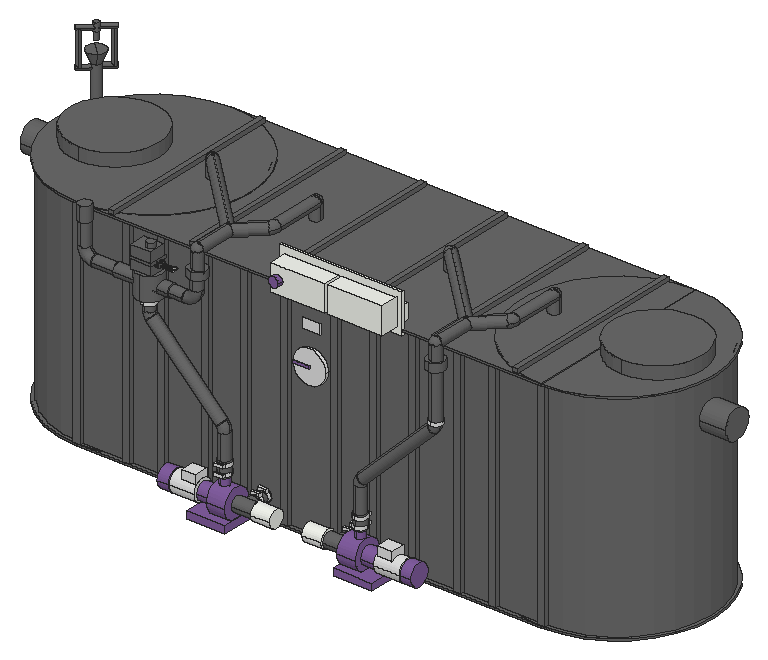
Revit family "93030.01_pvs 0", category Generic Models, Revit 2021
Family settings
  Can host rebar = No
  Round Connector Dimension = Use Diameter
  Part Type = Normal
  Work Plane-Based = No
  Always vertical = Yes
  Cut with Voids When Loaded = No
  Shared = Yes
  Room Calculation Point = No
Parameters (values of type "93030.01_PVS")
  SUPPLIER = "KESSEL"
  SA810ID03 = "93030.01/PVS"
  SA71009ID06 = 3000 W
  SA71009ID05 = 3600 W
  SA71009ID04 = 2
  SA700ID17 = 1240 mm
  SA700ID14 = "ohne Angabe"
  SA700ID13 = 70 mm
  SA700ID09 = 1625 mm
  SA700ID08 = 1350 mm
  SA700ID07 = 4600 mm
  SA700ID06 = 3000
  SA700ID05 = 30
  SA700ID04 = "Grease separator EasyClean free NS 30, Auto Mix & Pump"
  SA500ID03 = "Sludge trap, integrated"
  SA400ID03 = "PE (Polyethylen)"
  SA250ID03 = "temperierte Umhausung"
  SA200ID03 = "free-standing set-up"
  SA100ID04 = "Abscheideranlage für Fette (Schlammfang und Fettabscheider)"
  NN = "EasyClean, Auto Mix & Pump grease separator"
  NBSYN = "$SA810ID03. $LODLEVEL."
  NB = "93030.01/PVS 0"
  Model = "93030.01/PVS"
  Manufacturer = "KESSEL"
  MIdent = "{$CADENAS_DATA/23d-libs/kessel/kessel_vdi_import/40/abscheideranlage20fuer20fette/easyclean_free_auto_mix_pump.prj},231 {STYP=ASS},{VTYP=3D},{NB=93030.01/PVS 0},{LINA=93030.01/PVS},{NN=EasyClean, Auto Mix & Pump grease separator},{DATE=20.12.2022 10:10:54},{GEOMDATE=17.11.2022 09:57:06},{VERSION=},{LINEID=140},{WBVAR=LODLEVEL},{WBNUMERIC=LODLEVEL}  {NB=93030.01/PVS 0},{LINA=93030.01/PVS},{KT=DUMMY},{PREVIEW=../../bilder/pb_yy_9302001pvs_7491.png},{SA700ID04=Fettabscheider EasyClean free NS 30, Auto Mix & Pump},{SA810ID06=},{SA010ID04=KESSEL AG},{SA810ID03=93030.01/PVS},{SA100ID04=Abscheideranlage für Fette (Schlammfang und Fettabscheider)},{SA200ID03=Freiaufstellung},{SA400ID03=PE (Polyethylen)},{SA500ID03=Schlammfang integriert},{SA700ID05=30.00},{SA700ID06=3000},{SA71009ID04=2},{SA71009ID05=3.60},{SA71009ID06=3.00},{SA250ID03=temperierte Umhausung},{SA700ID07=4600},{SA700ID09=1625},{SA700ID13=70},{SA700ID17=1240},{SA700ID08=1350},{SA810ID10=\\\"Der Abscheider für fetthaltiges Abwasser ist für die freie Aufstellung in frostgeschützten Räumen geeignet und verzichtet auf metallische Bauteile im Behälter. Der Sammelbehälter aus dauerhaft beständigem Kunststoff (PE) ist mit einem integrierten Schlammfang ausgestattet und besitzt Schrägen im Behälterboden für eine schnelle und saubere Entsorgung. Zwei geruchsdichte Deckel mit Schnellspannverschlüssen ermöglichen einen einfachen Zugang für Reinigungs- und Wartungsarbeiten.Das innovative Schredder-Mix-System mit integriertem Zerhacker übernimmt die Homogenisierung und Umwälzung des Behälterinhaltes. Die Reinigung und geruchsneutrale Entsorgung erfolgt dabei über eine außenliegende Pumpe mit 2-Wege-Ventil und Stellmotor, die mit einem Absperrschieber vom Behälter getrennt werden kann.Der vollautomatische Programmablauf wird durch ein anwenderfreundliches Schaltgerät mit mehrzeiliger Displayanzeige gesteuert, das über einen potentialfreien Kontakt in die Gebäudeleittechnik eingebunden werden kann. Über eine optional erhältliche Fernbedienung kann die Reinigung und Entsorgung von einer entfernten Stelle aus gestartet werden.Durch das individualisierbare Reinigungsprogramm mit Schnellwahlfunktion kann die Reinigung bedarfsgerecht an die örtlichen Gegebenheiten angepasst werden. Mithilfe einer vollautomatisierten Spülung der Trinkwasserleitungen kann die Einhaltung der Trinkwasser-Hygiene-Verordnung gewährleistet werden.Gewährleistung auf den Werkstoff PE 20 Jahre.Ausführung:Absperreinrichtung: jaEntsorgungsart: automatisches Entsorgungs- und ReinigungssystemEntsorgungseinrichtung: EntsorgungspumpeEntsorgungsvariante: Auto Mix & PumpFülleinrichtung nach DIN 1988: jaNenngröße (NS): 30Schauglas: jaSchredder-Mix-System: jaSonicControl: neinWasserversorgung: 2 Magnetventile 1\\\"\\\"Tragfähigkeit (DIN 19901): F3Lieferumfang: Storz-B-Kupplung R 2 1/2 \\\"\\\" für SaugwagenanschlussEinbausituation: freie AufstellungAllgemeine Merkmale:Material: PENorm: EN 1825: 2004, DIN 4040-100Abmessungen:Aufstellfläche Länge: 4.860 mmAufstellfläche Breite: 1.620 mmAufstellfläche Höhe: 1.655 mmEinbringmaß Länge: 4.600 mmEinbringmaß Breite: 1.350 mmEinbringmaß Höhe: 1.625 mmBehälter/Grundkörper:Zulauf Nennweite (DN): 250 mmZulauf Nennweite (DA): 250 mmAuslauf Nennweite (DN): 250Auslauf Nennweite (DA): 250Abstand Rohrsohle Zulauf zu Behälterboden: 1.240 mmAbstand Rohrsohle Auslauf zu Behälterboden: 1.170 mmAnschluss Zu-/Auslaufstutzen: PE-HD-Rohre nach DIN 19537, HT-Rohre nach DIN 19560, PP oder ASDruckabgang (DA): 75 mmDruckabgang (DN): 65 mmNenndruck (PN): 10Abdeckungsmerkmale:Abdeckungsart: DeckelAbdeckung Material: KunststoffAbdeckung Farbe: schwarzDichtheit: geruchsdichtVerriegelung: SchnellspannverschlussAbwasserinhalt:Abscheiderinhalt: 1.370 lGesamtvolumen: 4.370 lSchlammfanginhalt: 3.000 lSpeichermenge an Fett: 1.200 lFördereinrichtung:Pumpe: SPF 300 KE 2.0Anzahl Pumpen: 2Förderhöhe max.: 17 mFörderleistung max.: 60 m3/hBetriebsspannung: 400 VNetzfrequenz: 50 HzBetriebsart: S2 - 30 Min.Leistung P1: 3,6 kWLeistung P2: 3 kWDrehzahl: 2.850 U/minErforderliche Absicherung (Leitungsschutz): Absicherung über Schaltgerät 400 VFörderguttemperatur (dauerhaft) max.: 40 °CAnschlusstyp: DirektanschlussGewicht: 44 kgLaufrad Typ: Radiallaufrad mit ZerhackerLänge Netzanschlussleitung Pumpe: 5 mNennstrom: 6,2 ASchutzart Pumpe: IP 55Schutzklasse: ITyp Anschlussleitung Pumpe: H07RN-F 7G 1,5 mm2Temperaturüberwachung: integriertSteuerung:Schaltgerät: jaBetriebsspannung: 400 VNetzfrequenz: 50 HzSelbstdiagnosesystem (SDS): jaBatteriepufferung: neinMehrzeilige Displayanzeige: jaLogbuchfunktion: jaUSB-Schnittstelle: jaGSM-Schnittstelle: neinPotentialfreier Kontakt: jaErforderliche Absicherung (Leitungsschutz): C 16 AErforderliche Absicherung (RCD): 30 mAMotorschutz Schalter: jaSchutzart Schaltgerät: IP 54\\\"},{SA700ID14=ohne Angabe},{LODLEVEL=0},{CATEGORY3AA=EasyClean free Auto Mix & Pump},{CATEGORY3AB=},{CATEGORY3AC=},{CATEGORY3AD=},{CATEGORY3AE=},{CATEGORY3AF=},{BEZEICHNUNG=},{BREITE=0.0},{TIEFE=MIN},{HOEHE=MIN},{MASSE=MIN},{LOD_=0,'Low'},{LOD_DEU=0,'Low'},{LOD_3DB=93030.01/PVS_0},{DNIN1=250},{DNIN2=10},{DNIN3=10},{DNIN4=10},{DNIN5=10},{DNIN6=10},{DNIN7=10},{DNOUT1=250},{DNOUT2=MIN},{ISD=100},{ISD2=10},{SA960ID03=93},{SA960ID04=3L},{SA960ID08=http://www.kessel.de/info?han=93030.01/PVS},{SA010ID01=010},{SA010ID02=40},{SA010ID06=www.kessel.de},{SA010ID08=4026092000007},{SA100ID01=100},{SA100ID02=1},{SA740ID01=740},{SA200ID01=200},{SA200ID02=1},{SA250ID01=250},{SA250ID02=1},{SA400ID01=400},{SA400ID02=1},{SA500ID01=500},{SA500ID02=1},{SA700ID01=700},{SA700ID02=93},{SA700ID14_=0},{SA71009ID01=710.09},{SA71009ID02=1},{SA71009ID03=SPF 300 KE 2.0},{SA71009ID07=IP55},{SA71009ID08=1},{SA71009ID09=1},{SA71009ID10=60},{SA71009ID11=17},{SA810ID01=810},{SA810ID02=93},{SA810ID04=93030.01/PVS},{SA810ID07=93},{SA810ID14=PCE},{LINK=http://www.kessel.de/info?han=93030.01/PVS},{LINK_=http://www.kessel.de/info?han=93030.01/PVS},{LINK_DEU=http://www.kessel.de/info?han=93030.01/PVS}"
  LINK = "http://www.kessel.de/info?han=93030.01/PVS"
  LINA = "93030.01/PVS"
  Default Elevation = 0 mm
  CREATOR = "CADENAS GmbH"
  CATALOG = "KESSEL"
  BOMINFO = "LINA"
  ARTICLENO = "NB"
Reference planes
  plane 1 "Center (Front/Back)": y = 0
  plane 2: z = 0
  plane 3 "Center (Left/Right)": x = 0
Forms (mm)
  Extrusion 1, void
    sketch origin (686.853, -819.5, 248.5) x (0, 1, 0) y (1, 0, 0)
      loop
        line (-0.5, 0.5) -> (-0.5, -0.5) -> (0.5, -0.5) -> (0.5, 0.5) -> (-0.5, 0.5)
    from 0 to 1
  Extrusion 2, void
    sketch origin (-686.503, -820.5, 248.5) x (0, -1, 0) y (-1, 0, 0)
      loop
        line (-0.5, 0.5) -> (-0.5, -0.5) -> (0.5, -0.5) -> (0.5, 0.5) -> (-0.5, 0.5)
    from 0 to 1
Dimensions and locks
  locked: plane 2 to Extrusion 1 at 247.5
  locked: plane 2 to Extrusion 1 at 248.5
  locked: plane 2 to Extrusion 2 at 247.5
  locked: plane 2 to Extrusion 2 at 248.5
  aligned and locked: level to plane 2
Nested families
  nested 1: "93030.01_pvs 0_content" at (0, 0, 0), type "93030.01_PVS 0_Content"
  nested 2: "93030.01_pvs 0_part1_X0Y0" at (0, 0, 0), type "93030.01_PVS_PART1_X0Y0"
Connectors
  piping at (-2480, 0, 1340), diameter 250
    settings: on nested 2, index 1, connector inside diameter 609.6 mm, connector length 0 mm, flow factor 0, pipe flow 0.0 L/s, pressure drop 0.0 Pa, fitting loss kfactor 0, connector angle 0.00°, fixture units 0, engagement length 0 mm, angle of deflection 0.00°, flow configuration 0, flow direction 1, fitting loss method 2, system type 8, joint type 0, gender type 0, connector reference index -1, connector utility 0, adjustable connector no, is connector primary yes, connector description ""
  piping at (-2336, 385, 1940.25), diameter 10
    settings: on nested 2, index 2, connector inside diameter 609.6 mm, connector length 0 mm, flow factor 0, pipe flow 0.0 L/s, pressure drop 0.0 Pa, fitting loss kfactor 0, connector angle 0.00°, fixture units 0, engagement length 0 mm, angle of deflection 0.00°, flow configuration 0, flow direction 1, fitting loss method 2, system type 8, joint type 0, gender type 0, connector reference index -1, connector utility 0, adjustable connector no, is connector primary no, connector description ""
  piping at (2453.5, 0, 1270), diameter 250
    settings: on nested 2, index 3, connector inside diameter 609.6 mm, connector length 0 mm, flow factor 0, pipe flow 0.0 L/s, pressure drop 0.0 Pa, fitting loss kfactor 0, connector angle 0.00°, fixture units 0, engagement length 0 mm, angle of deflection 0.00°, flow configuration 0, flow direction 2, fitting loss method 2, system type 7, joint type 0, gender type 0, connector reference index -1, connector utility 0, adjustable connector no, is connector primary no, connector description ""
  electrical at (686.853, -819.5, 248.5)
    settings: on Extrusion 1, index 4, voltage 0 V, apparent load 0 VA, apparent load phase1 0 VA, apparent load phase2 0 VA, apparent load phase3 0 VA, power factor 1, load classification "Other", number of poles 1, system type 31, power factor state 1, is connector primary yes, connector utility no, sub classification motor no, connector description ""
  electrical at (-686.503, -820.5, 248.5)
    settings: on Extrusion 2, index 5, voltage 0 V, apparent load 0 VA, apparent load phase1 0 VA, apparent load phase2 0 VA, apparent load phase3 0 VA, power factor 1, load classification "Other", number of poles 1, system type 31, power factor state 1, is connector primary no, connector utility no, sub classification motor no, connector description ""
Definition of nested family "93030.01_pvs 0_part1_X0Y0"
  Parameters (values of type "93030.01_PVS_PART1_X0Y0")
    SUPPLIER = "KESSEL"
    SA810ID03 = "93030.01/PVS"
    SA71009ID06 = 3000 W
    SA71009ID05 = 3600 W
    SA71009ID04 = 2
    SA700ID17 = 1240 mm
    SA700ID14 = "ohne Angabe"
    SA700ID13 = 70 mm
    SA700ID09 = 1625 mm
    SA700ID08 = 1350 mm
    SA700ID07 = 4600 mm
    SA700ID06 = 3000
    SA700ID05 = 30
    SA700ID04 = "Grease separator EasyClean free NS 30, Auto Mix & Pump"
    SA500ID03 = "Sludge trap, integrated"
    SA400ID03 = "PE (Polyethylen)"
    SA250ID03 = "temperierte Umhausung"
    SA200ID03 = "free-standing set-up"
    SA100ID04 = "Abscheideranlage für Fette (Schlammfang und Fettabscheider)"
    NBSYN = "$SA810ID03. $LODLEVEL._PART1"
    NB = "93030.01/PVS 0_PART1"
    Model = "93030.01/PVS_PART1"
    Manufacturer = "KESSEL"
    MIdent = "{$CADENAS_DATA/23d-libs/kessel/kessel_vdi_import/40/abscheideranlage20fuer20fette/easyclean_free_auto_mix_pump.prj},251 {VTYP=3D},{NB=93030.01/PVS 0_PART1},{LINA=93030.01/PVS_PART1},{NN=EasyClean, Auto Mix & Pump grease separator_PART1},{NOPRJ=TRUE},{DATE=20.12.2022 10:10:54},{GEOMDATE=17.11.2022 09:57:06},{VERSION=},{LINEID=140},{WBVAR=LODLEVEL},{WBNUMERIC=LODLEVEL}  {NB=93030.01/PVS 0_PART1},{LINA=93030.01/PVS_PART1},{KT=DUMMY},{PREVIEW=../../bilder/pb_yy_9302001pvs_7491.png},{SA700ID04=Fettabscheider EasyClean free NS 30, Auto Mix & Pump},{SA810ID06=},{SA010ID04=KESSEL AG},{SA810ID03=93030.01/PVS},{SA100ID04=Abscheideranlage für Fette (Schlammfang und Fettabscheider)},{SA200ID03=Freiaufstellung},{SA400ID03=PE (Polyethylen)},{SA500ID03=Schlammfang integriert},{SA700ID05=30.00},{SA700ID06=3000},{SA71009ID04=2},{SA71009ID05=3.60},{SA71009ID06=3.00},{SA250ID03=temperierte Umhausung},{SA700ID07=4600},{SA700ID09=1625},{SA700ID13=70},{SA700ID17=1240},{SA700ID08=1350},{SA810ID10=\\\"Der Abscheider für fetthaltiges Abwasser ist für die freie Aufstellung in frostgeschützten Räumen geeignet und verzichtet auf metallische Bauteile im Behälter. Der Sammelbehälter aus dauerhaft beständigem Kunststoff (PE) ist mit einem integrierten Schlammfang ausgestattet und besitzt Schrägen im Behälterboden für eine schnelle und saubere Entsorgung. Zwei geruchsdichte Deckel mit Schnellspannverschlüssen ermöglichen einen einfachen Zugang für Reinigungs- und Wartungsarbeiten.Das innovative Schredder-Mix-System mit integriertem Zerhacker übernimmt die Homogenisierung und Umwälzung des Behälterinhaltes. Die Reinigung und geruchsneutrale Entsorgung erfolgt dabei über eine außenliegende Pumpe mit 2-Wege-Ventil und Stellmotor, die mit einem Absperrschieber vom Behälter getrennt werden kann.Der vollautomatische Programmablauf wird durch ein anwenderfreundliches Schaltgerät mit mehrzeiliger Displayanzeige gesteuert, das über einen potentialfreien Kontakt in die Gebäudeleittechnik eingebunden werden kann. Über eine optional erhältliche Fernbedienung kann die Reinigung und Entsorgung von einer entfernten Stelle aus gestartet werden.Durch das individualisierbare Reinigungsprogramm mit Schnellwahlfunktion kann die Reinigung bedarfsgerecht an die örtlichen Gegebenheiten angepasst werden. Mithilfe einer vollautomatisierten Spülung der Trinkwasserleitungen kann die Einhaltung der Trinkwasser-Hygiene-Verordnung gewährleistet werden.Gewährleistung auf den Werkstoff PE 20 Jahre.Ausführung:Absperreinrichtung: jaEntsorgungsart: automatisches Entsorgungs- und ReinigungssystemEntsorgungseinrichtung: EntsorgungspumpeEntsorgungsvariante: Auto Mix & PumpFülleinrichtung nach DIN 1988: jaNenngröße (NS): 30Schauglas: jaSchredder-Mix-System: jaSonicControl: neinWasserversorgung: 2 Magnetventile 1\\\"\\\"Tragfähigkeit (DIN 19901): F3Lieferumfang: Storz-B-Kupplung R 2 1/2 \\\"\\\" für SaugwagenanschlussEinbausituation: freie AufstellungAllgemeine Merkmale:Material: PENorm: EN 1825: 2004, DIN 4040-100Abmessungen:Aufstellfläche Länge: 4.860 mmAufstellfläche Breite: 1.620 mmAufstellfläche Höhe: 1.655 mmEinbringmaß Länge: 4.600 mmEinbringmaß Breite: 1.350 mmEinbringmaß Höhe: 1.625 mmBehälter/Grundkörper:Zulauf Nennweite (DN): 250 mmZulauf Nennweite (DA): 250 mmAuslauf Nennweite (DN): 250Auslauf Nennweite (DA): 250Abstand Rohrsohle Zulauf zu Behälterboden: 1.240 mmAbstand Rohrsohle Auslauf zu Behälterboden: 1.170 mmAnschluss Zu-/Auslaufstutzen: PE-HD-Rohre nach DIN 19537, HT-Rohre nach DIN 19560, PP oder ASDruckabgang (DA): 75 mmDruckabgang (DN): 65 mmNenndruck (PN): 10Abdeckungsmerkmale:Abdeckungsart: DeckelAbdeckung Material: KunststoffAbdeckung Farbe: schwarzDichtheit: geruchsdichtVerriegelung: SchnellspannverschlussAbwasserinhalt:Abscheiderinhalt: 1.370 lGesamtvolumen: 4.370 lSchlammfanginhalt: 3.000 lSpeichermenge an Fett: 1.200 lFördereinrichtung:Pumpe: SPF 300 KE 2.0Anzahl Pumpen: 2Förderhöhe max.: 17 mFörderleistung max.: 60 m3/hBetriebsspannung: 400 VNetzfrequenz: 50 HzBetriebsart: S2 - 30 Min.Leistung P1: 3,6 kWLeistung P2: 3 kWDrehzahl: 2.850 U/minErforderliche Absicherung (Leitungsschutz): Absicherung über Schaltgerät 400 VFörderguttemperatur (dauerhaft) max.: 40 °CAnschlusstyp: DirektanschlussGewicht: 44 kgLaufrad Typ: Radiallaufrad mit ZerhackerLänge Netzanschlussleitung Pumpe: 5 mNennstrom: 6,2 ASchutzart Pumpe: IP 55Schutzklasse: ITyp Anschlussleitung Pumpe: H07RN-F 7G 1,5 mm2Temperaturüberwachung: integriertSteuerung:Schaltgerät: jaBetriebsspannung: 400 VNetzfrequenz: 50 HzSelbstdiagnosesystem (SDS): jaBatteriepufferung: neinMehrzeilige Displayanzeige: jaLogbuchfunktion: jaUSB-Schnittstelle: jaGSM-Schnittstelle: neinPotentialfreier Kontakt: jaErforderliche Absicherung (Leitungsschutz): C 16 AErforderliche Absicherung (RCD): 30 mAMotorschutz Schalter: jaSchutzart Schaltgerät: IP 54\\\"},{SA700ID14=ohne Angabe},{LODLEVEL=0},{CATEGORY3AA=EasyClean free Auto Mix & Pump},{CATEGORY3AB=},{CATEGORY3AC=},{CATEGORY3AD=},{CATEGORY3AE=},{CATEGORY3AF=},{BEZEICHNUNG=},{BREITE=0.0},{TIEFE=MIN},{HOEHE=MIN},{MASSE=MIN},{LOD_=0,'Low'},{LOD_DEU=0,'Low'},{LOD_3DB=93030.01/PVS_0},{DNIN1=250},{DNIN2=10},{DNIN3=10},{DNIN4=10},{DNIN5=10},{DNIN6=10},{DNIN7=10},{DNOUT1=250},{DNOUT2=MIN},{ISD=100},{ISD2=10},{SA960ID03=93},{SA960ID04=3L},{SA960ID08=http://www.kessel.de/info?han=93030.01/PVS},{SA010ID01=010},{SA010ID02=40},{SA010ID06=www.kessel.de},{SA010ID08=4026092000007},{SA100ID01=100},{SA100ID02=1},{SA740ID01=740},{SA200ID01=200},{SA200ID02=1},{SA250ID01=250},{SA250ID02=1},{SA400ID01=400},{SA400ID02=1},{SA500ID01=500},{SA500ID02=1},{SA700ID01=700},{SA700ID02=93},{SA700ID14_=0},{SA71009ID01=710.09},{SA71009ID02=1},{SA71009ID03=SPF 300 KE 2.0},{SA71009ID07=IP55},{SA71009ID08=1},{SA71009ID09=1},{SA71009ID10=60},{SA71009ID11=17},{SA810ID01=810},{SA810ID02=93},{SA810ID04=93030.01/PVS},{SA810ID07=93},{SA810ID14=PCE},{LINK=http://www.kessel.de/info?han=93030.01/PVS},{LINK_=http://www.kessel.de/info?han=93030.01/PVS},{LINK_DEU=http://www.kessel.de/info?han=93030.01/PVS}"
    LINK = "http://www.kessel.de/info?han=93030.01/PVS"
    LINA = "93030.01/PVS_PART1"
    Default Elevation = 1219.2 mm
    CREATOR = "CADENAS GmbH"
    CATALOG = "KESSEL"
    BOMINFO = "LINA"
    ARTICLENO = "NB"
  Reference planes
    plane 1 "Center (Front/Back)": y = 0
    plane 2: z = 0
    plane 3 "Center (Left/Right)": x = 0
  Dimensions and locks
    aligned and locked: level to plane 2
  Nested families
    nested 1: "93030.01_pvs 0_part1_content" at (0, 0, 0), type "93030.01_PVS 0_PART1_Content"
  Definition of nested family "93030.01_pvs 0_part1_content"
    Parameters (values of type "93030.01_PVS 0_PART1_Content")
      SUPPLIER = "KESSEL"
      SA810ID03 = "93030.01/PVS"
      SA71009ID06 = 3000 W
      SA71009ID05 = 3600 W
      SA71009ID04 = 2
      SA700ID17 = 1240 mm
      SA700ID14 = "ohne Angabe"
      SA700ID13 = 70 mm
      SA700ID09 = 1625 mm
      SA700ID08 = 1350 mm
      SA700ID07 = 4600 mm
      SA700ID06 = 3000
      SA700ID05 = 30
      SA700ID04 = "Grease separator EasyClean free NS 30, Auto Mix & Pump"
      SA500ID03 = "Sludge trap, integrated"
      SA400ID03 = "PE (Polyethylen)"
      SA250ID03 = "temperierte Umhausung"
      SA200ID03 = "free-standing set-up"
      SA100ID04 = "Abscheideranlage für Fette (Schlammfang und Fettabscheider)"
      NBSYN = "$SA810ID03. $LODLEVEL._PART1"
      NB = "93030.01/PVS 0_PART1"
      Model = "93030.01/PVS_PART1"
      Manufacturer = "KESSEL"
      LINK = "http://www.kessel.de/info?han=93030.01/PVS"
      LINA = "93030.01/PVS_PART1"
      Default Elevation = 1219.2 mm
      CREATOR = "CADENAS GmbH"
      CATALOG = "KESSEL"
      BOMINFO = "LINA"
      ARTICLENO = "NB"
    Reference planes
      plane 1 "Center (Front/Back)": y = 0
      plane 2: z = 0
      plane 3 "Center (Left/Right)": x = 0
    Forms (mm)
      Extrusion 1, solid, detail levels medium+fine
        sketch origin (1625, 675, 0) x (0, -1, 0) y (0, 0, 1)
          loop
            line (0, 12) -> (0, 0) -> (1350, 0) -> (1350, 12) -> (0, 12)
        from 0 to 3250
      Extrusion 2, solid, detail levels medium+fine
        sketch origin (1625, 650, 12) x (0, -1, 0) y (0, 0, 1)
          loop
            line (0, 1503) -> (0, 0) -> (1300, 0) -> (1300, 1503) -> (0, 1503)
        from 0 to 3250
      Extrusion 3, solid, detail levels medium+fine
        sketch origin (150, -675, 12) x (0, 1, 0) y (0, 0, 1)
          loop
            line (0, 1503) -> (0, 0) -> (25, 0) -> (25, 1503) -> (0, 1503)
        from 0 to 50
      Extrusion 4, solid, detail levels medium+fine
        sketch origin (150, 650, 12) x (0, 1, 0) y (0, 0, 1)
          loop
            line (0, 1503) -> (0, 0) -> (25, 0) -> (25, 1503) -> (0, 1503)
        from 0 to 50
      Extrusion 5, solid, detail levels medium+fine
        sketch origin (-150, 675, 12) x (0, -1, 0) y (0, 0, 1)
          loop
            line (0, 1503) -> (0, 0) -> (25, 0) -> (25, 1503) -> (0, 1503)
        from 0 to 50
      Extrusion 6, solid, detail levels medium+fine
        sketch origin (-150, -650, 12) x (0, -1, 0) y (0, 0, 1)
          loop
            line (0, 1503) -> (0, 0) -> (25, 0) -> (25, 1503) -> (0, 1503)
        from 0 to 50
      Extrusion 7, solid, detail levels medium+fine
        sketch origin (0, -650, 1060) x (1, 0, 0) y (0, 0, 1)
          loop
            circle (0, 0) r 115
        from 0 to 20
      Extrusion 8, solid, detail levels medium+fine
        sketch origin (0, -669.9, 1050) x (0, -1, 0) y (0, 0, 1)
          loop
            line (-0.5, 20) -> (-0.5, 0) -> (5, 0) -> (5, 20) -> (-0.5, 20)
        from 0 to 114
      Extrusion 9, solid, detail levels medium+fine
        sketch origin (1625, 675, 1515) x (0, -1, 0) y (0, 0, 1)
          loop
            line (0, 12) -> (0, 0) -> (1350, 0) -> (1350, 12) -> (0, 12)
        from 0 to 3250
      Extrusion 10, solid, detail levels medium+fine
        sketch origin (-282.5, -660, 1552) x (1, 0, 0) y (0, -1, 0)
          loop
            line (35, 0) -> (0, 0) -> (0, -1320) -> (35, -1320) -> (35, 0)
        from 0 to 35
      Extrusion 11, solid, detail levels medium+fine
        sketch origin (282.5, -660, 1552) x (1, 0, 0) y (0, -1, 0)
          loop
            line (35, 0) -> (0, 0) -> (0, -1320) -> (35, -1320) -> (35, 0)
        from 0 to 35
      Extrusion 12, solid, detail levels medium+fine
        sketch origin (440.453, 13.15, 1633) x (-1, 0, 0.000001) y (0, 1, 0)
          loop
            circle (0, 0) r 37.5
        from 0 to 107
      Revolve 13, solid, detail levels medium+fine
        sketch origin (440.453, 13.15, 1633) x (-1, 0.000001, 0) y (0, 0, -1)
          loop
            line (0, 37.5) -> (0, -37.5)
            arc (0, -37.5) -> (37.5, 0) -> (0, 37.5) r 37.5
          axis (0, -37.5) -> (0, 37.5)
        angle from -360 to 0
      Extrusion 14, solid, detail levels medium+fine
        sketch origin (1002.6, -549, 1633) x (0, 0, 1) y (0.707107, 0.707107, 0)
          loop
            circle (0, 0) r 37.4
        from 0 to 795
      Extrusion 15, solid, detail levels medium+fine
        sketch origin (591, -663, 1485) x (0, 1, 0) y (0, 0, 1)
          loop
            line (0, 145) -> (0, 0) -> (100, 0) -> (100, 145) -> (0, 145)
        from 0 to 12
      Extrusion 16, solid, detail levels medium+fine
        sketch origin (651, -663, 1485) x (0, -1, 0) y (0, 0, 1)
          loop
            line (-0.1, 280) -> (-0.1, 0) -> (15.1, 0) -> (15.1, 280) -> (-0.1, 280)
        from 0 to 852.2
      Extrusion 17, solid, detail levels medium+fine
        sketch origin (212, -675, 1533) x (0, -1, 0) y (0, 0, 1)
          loop
            line (0, 183) -> (0, 0) -> (129.5, 0) -> (129.5, 183) -> (0, 183)
        from 0 to 378
      Extrusion 18, solid, detail levels medium+fine
        sketch origin (-82, -742.5, 1511) x (0, 1, 0) y (-1, 0, 0)
          loop
            circle (0, 0) r 15
        from 0 to 22
      Extrusion 19, solid, detail levels medium+fine
        sketch origin (-115.998, -804.5, 1624.5) x (1, 0, 0) y (0, 0, 1)
          loop
            circle (0, 0) r 33.5
        from 0 to 36
      Extrusion 20, solid, detail levels medium+fine
        sketch origin (-127, -742.5, 1511) x (0, 1, 0) y (-1, 0, 0)
          loop
            circle (0, 0) r 15
        from 0 to 22
      Extrusion 21, solid, detail levels medium+fine
        sketch origin (616, -675, 1533) x (0, -1, 0) y (0, 0, 1)
          loop
            line (0, 183) -> (0, 0) -> (129.5, 0) -> (129.5, 183) -> (0, 183)
        from 0 to 378
      Extrusion 22, solid, detail levels medium+fine
        sketch origin (-141, -663, 1485) x (0, 1, 0) y (0, 0, 1)
          loop
            line (0, 145) -> (0, 0) -> (100, 0) -> (100, 145) -> (0, 145)
        from 0 to 12
      Extrusion 23, solid, detail levels medium+fine
        sketch origin (1002.6, -549, 1633) x (0, 0, 1) y (0.707107, -0.707107, 0)
          loop
            circle (0, 0) r 37.5
        from 0 to 219.1
      Revolve 24, solid, detail levels medium+fine
        sketch origin (1157.46, -394.14, 1633) x (-0.707107, 0.707106, 0) y (0, 0, 1)
          loop
            circle (0, 0) r 37.4
          axis (60, 0) -> (60, -1)
        angle from -46 to 0
      Extrusion 25, solid, detail levels medium+fine
        sketch origin (1002.6, -820.1, 1633) x (0, 0, -1) y (-1, 0, 0)
          loop
            circle (0, 0) r 37.4
        from 0 to 271.1
      Revolve 26, solid, detail levels medium+fine
        sketch origin (1002.5, -820, 1633) x (0, -1, 0) y (1, 0, 0)
          loop
            line (0, 37.5) -> (0, -37.5)
            arc (0, -37.5) -> (37.5, 0) -> (0, 37.5) r 37.5
          axis (0, -37.5) -> (0, 37.5)
        angle from -360 to 0
      Extrusion 27, solid, detail levels medium+fine
        sketch origin (1002.5, -820, 1137.35) x (0, -1, 0) y (1, 0, 0)
          loop
            circle (0, 0) r 37.4
        from 0 to 495.75
      Extrusion 28, solid, detail levels medium+fine
        sketch origin (1002.5, -820, 1474.603) x (0, -1, 0) y (1, 0, 0)
          loop
            circle (0, 0) r 60
        from 0 to 55
      Extrusion 29, solid, detail levels medium+fine
        sketch origin (1002.5, -820, 1129.85) x (0, -1, 0) y (1, 0, 0)
          loop
            circle (0, 0) r 45
        from 0 to 20
      Revolve 30, solid, detail levels medium+fine
        sketch origin (984.926, -820, 1094.926) x (-0.707107, 0, 0.707107) y (0, -1, 0)
          loop
            circle (0, 0) r 37.5
          axis (60, 0) -> (60, -1)
        angle from -45 to 0
      Extrusion 31, solid, detail levels medium+fine
        sketch origin (492.427, -820, 602.426) x (0.5, 0.707107, -0.5) y (-0.5, 0.707107, 0.5)
          loop
            circle (0, 0) r 37.5
        from 0 to 696.5
      Revolve 32, solid, detail levels medium+fine
        sketch origin (474.853, -820, 560) x (1, 0, 0) y (0, 1, 0)
          loop
            circle (0, 0) r 37.5
          axis (60, 0) -> (60, -1)
        angle from -45 to 0
      Extrusion 33, solid, detail levels medium+fine
        sketch origin (474.853, -820, 384) x (0, -1, 0) y (1, 0, 0)
          loop
            circle (0, 0) r 37.5
        from 0 to 176
      Extrusion 34, solid, detail levels medium+fine
        sketch origin (474.853, -820, 284) x (0, -1, 0) y (1, 0, 0)
          loop
            circle (0, 0) r 42
        from 0 to 100
      Extrusion 35, solid, detail levels medium+fine
        sketch origin (474.853, -820, 294) x (0, -1, 0) y (1, 0, 0)
          loop
            circle (0, 0) r 45
        from 0 to 20
      Extrusion 36, solid, detail levels medium+fine
        sketch origin (474.853, -820, 354) x (0, -1, 0) y (1, 0, 0)
          loop
            circle (0, 0) r 45
        from 0 to 20
      Extrusion 37, solid, detail levels medium+fine
        sketch origin (504.853, -789, 314) x (0, 0, -1) y (-1, 0, 0)
          loop
            line (0, 60) -> (0, 0) -> (20, 0) -> (20, 60) -> (0, 60)
        from 0 to 25
      Extrusion 38, solid, detail levels medium+fine
        sketch origin (504.853, -789, 374) x (0, 0, -1) y (-1, 0, 0)
          loop
            line (0, 60) -> (0, 0) -> (20, 0) -> (20, 60) -> (0, 60)
        from 0 to 25
      Extrusion 39, solid, detail levels medium+fine
        sketch origin (474.853, -820, 284) x (1, 0, 0) y (0, -1, 0)
          loop
            circle (0, 0) r 31.5
        from 0 to 149
      Extrusion 40, solid, detail levels medium+fine
        sketch origin (521.853, -820, 135) x (0, -1, 0) y (0, 0, 1)
          loop
            circle (0, 0) r 101
        from 0 to 129.51
      Extrusion 41, solid, detail levels medium+fine
        sketch origin (626.853, -820, 135) x (0, -1, 0) y (0, 0, 1)
          loop
            circle (0, 0) r 60
        from 0 to 105
      Extrusion 42, solid, detail levels medium+fine
        sketch origin (377.353, -934, 0) x (0, 1, 0) y (0, 0, 1)
          loop
            line (0, 48) -> (0, 0) -> (230, 0) -> (230, 48) -> (0, 48)
        from 0 to 272
      Extrusion 43, solid, detail levels medium+fine
        sketch origin (392.353, -820, 135) x (0, -1, 0) y (0, 0, 1)
          loop
            circle (0, 0) r 50
        from 0 to 144.5
      Extrusion 44, solid, detail levels medium+fine
        sketch origin (319.753, -624, 135) x (1, 0, 0) y (0, 0, 1)
          loop
            circle (0, 0) r 40
        from 0 to 196
      Extrusion 45, solid, detail levels medium+fine
        sketch origin (319.753, -741.5, 135) x (0, 0, -1) y (-1, 0, 0)
          loop
            circle (0, 0) r 45
        from 0 to 20
      Extrusion 46, solid, detail levels medium+fine
        sketch origin (319.753, -751.5, 135) x (0, 0, -1) y (-1, 0, 0)
          loop
            circle (0, 0) r 42
        from 0 to 100
      Extrusion 47, solid, detail levels medium+fine
        sketch origin (319.753, -681.5, 135) x (0, 0, -1) y (-1, 0, 0)
          loop
            circle (0, 0) r 45
        from 0 to 20
      Extrusion 48, solid, detail levels medium+fine
        sketch origin (289.753, -721.5, 166) x (0, -1, 0) y (1, 0, 0)
          loop
            line (0, 60) -> (0, 0) -> (20, 0) -> (20, 60) -> (0, 60)
        from 0 to 25
      Extrusion 49, solid, detail levels medium+fine
        sketch origin (289.753, -661.5, 166) x (0, -1, 0) y (1, 0, 0)
          loop
            line (0, 60) -> (0, 0) -> (20, 0) -> (20, 60) -> (0, 60)
        from 0 to 25
      Extrusion 50, solid, detail levels medium+fine
        sketch origin (247.853, -820, 135) x (0, -1, 0) y (0, 0, 1)
          loop
            circle (0, 0) r 58.5
        from 0 to 135.5
      Extrusion 51, solid, detail levels medium+fine
        sketch origin (807.853, -820, 135) x (0, -1, 0) y (0, 0, 1)
          loop
            circle (0, 0) r 73.5
        from 0 to 181
      Extrusion 52, solid, detail levels medium+fine
        sketch origin (736.85, -769.5, 187.5) x (0, -1, 0) y (0, 0, 1)
          loop
            line (0, 60) -> (0, 0) -> (100, 0) -> (100, 60) -> (0, 60)
        from 0 to 100
      Extrusion 53, solid, detail levels medium+fine
        sketch origin (887.853, -820, 135) x (0, -1, 0) y (0, 0, 1)
          loop
            circle (0, 0) r 73.6
        from 0 to 80
      Extrusion 54, solid, detail levels medium+fine
        sketch origin (-492.217, 0.033, 1633) x (-1, 0, 0.000001) y (0, 1, 0)
          loop
            circle (0, 0) r 37.5
        from 0 to 107
      Revolve 55, solid, detail levels medium+fine
        sketch origin (-492.217, 0.033, 1633) x (-1, 0.000001, 0) y (0, 0, -1)
          loop
            line (0, 37.5) -> (0, -37.5)
            arc (0, -37.5) -> (37.5, 0) -> (0, 37.5) r 37.5
          axis (0, -37.5) -> (0, 37.5)
        angle from -360 to 0
      Extrusion 56, solid, detail levels medium+fine
        sketch origin (-492.25, -351.75, 1633) x (-1, 0, 0) y (0, 0, 1)
          loop
            circle (0, 0) r 37.4
        from 0 to 351.75
      Extrusion 57, solid, detail levels medium+fine
        sketch origin (-425, 675, 12) x (0, -1, 0) y (0, 0, 1)
          loop
            line (0, 1503) -> (0, 0) -> (25, 0) -> (25, 1503) -> (0, 1503)
        from 0 to 50
      Extrusion 58, solid, detail levels medium+fine
        sketch origin (425, -675, 12) x (0, 1, 0) y (0, 0, 1)
          loop
            line (0, 1503) -> (0, 0) -> (25, 0) -> (25, 1503) -> (0, 1503)
        from 0 to 50
      Extrusion 59, solid, detail levels medium+fine
        sketch origin (425, 650, 12) x (0, 1, 0) y (0, 0, 1)
          loop
            line (0, 1503) -> (0, 0) -> (25, 0) -> (25, 1503) -> (0, 1503)
        from 0 to 50
      Extrusion 60, solid, detail levels medium+fine
        sketch origin (-425, -650, 12) x (0, -1, 0) y (0, 0, 1)
          loop
            line (0, 1503) -> (0, 0) -> (25, 0) -> (25, 1503) -> (0, 1503)
        from 0 to 50
      Extrusion 61, solid, detail levels medium+fine
        sketch origin (-847.5, -660, 1552) x (1, 0, 0) y (0, -1, 0)
          loop
            line (35, 0) -> (0, 0) -> (0, -1320) -> (35, -1320) -> (35, 0)
        from 0 to 35
      Extrusion 62, solid, detail levels medium+fine
        sketch origin (-60, -655, 1275) x (0, 1, 0) y (0, 0, 1)
          loop
            line (0, 70) -> (0, 0) -> (5, 0) -> (5, 70) -> (0, 70)
        from 0 to 120
      Extrusion 63, solid, detail levels medium+fine
        sketch origin (847.5, -660, 1552) x (1, 0, 0) y (0, -1, 0)
          loop
            line (35, 0) -> (0, 0) -> (0, -1320) -> (35, -1320) -> (35, 0)
        from 0 to 35
      Extrusion 64, solid, detail levels medium+fine
        sketch origin (-700, 675, 12) x (0, -1, 0) y (0, 0, 1)
          loop
            line (0, 1503) -> (0, 0) -> (25, 0) -> (25, 1503) -> (0, 1503)
        from 0 to 50
      Extrusion 65, solid, detail levels medium+fine
        sketch origin (700, -675, 12) x (0, 1, 0) y (0, 0, 1)
          loop
            line (0, 1503) -> (0, 0) -> (25, 0) -> (25, 1503) -> (0, 1503)
        from 0 to 50
      Extrusion 66, solid, detail levels medium+fine
        sketch origin (700, 650, 12) x (0, 1, 0) y (0, 0, 1)
          loop
            line (0, 1503) -> (0, 0) -> (25, 0) -> (25, 1503) -> (0, 1503)
        from 0 to 50
      Extrusion 67, solid, detail levels medium+fine
        sketch origin (-700, -650, 12) x (0, -1, 0) y (0, 0, 1)
          loop
            line (0, 1503) -> (0, 0) -> (25, 0) -> (25, 1503) -> (0, 1503)
        from 0 to 50
      Extrusion 68, solid, detail levels medium+fine
        sketch origin (-325.753, -820, 135) x (-1, 0, 0) y (0, 0, 1)
          loop
            circle (0, 0) r 40
        from 0 to 196
      Extrusion 69, solid, detail levels medium+fine
        sketch origin (-325.753, -721.5, 135) x (0, 0, -1) y (1, 0, 0)
          loop
            circle (0, 0) r 45
        from 0 to 20
      Extrusion 70, solid, detail levels medium+fine
        sketch origin (-325.753, -651.5, 135) x (0, 0, -1) y (1, 0, 0)
          loop
            circle (0, 0) r 42
        from 0 to 100
      Extrusion 71, solid, detail levels medium+fine
        sketch origin (-325.753, -661.5, 135) x (0, 0, -1) y (1, 0, 0)
          loop
            circle (0, 0) r 45
        from 0 to 20
      Extrusion 72, solid, detail levels medium+fine
        sketch origin (-295.753, -681.5, 166) x (0, 1, 0) y (-1, 0, 0)
          loop
            line (0, 60) -> (0, 0) -> (20, 0) -> (20, 60) -> (0, 60)
        from 0 to 25
      Extrusion 73, solid, detail levels medium+fine
        sketch origin (-295.753, -741.5, 166) x (0, 1, 0) y (-1, 0, 0)
          loop
            line (0, 60) -> (0, 0) -> (20, 0) -> (20, 60) -> (0, 60)
        from 0 to 25
      Extrusion 74, solid, detail levels medium+fine
        sketch origin (-392.003, -820, 135) x (0, 1, 0) y (0, 0, 1)
          loop
            circle (0, 0) r 50
        from 0 to 144.5
      Extrusion 75, solid, detail levels medium+fine
        sketch origin (-521.5, -820, 135) x (0, 1, 0) y (0, 0, 1)
          loop
            circle (0, 0) r 101
        from 0 to 129.5
      Extrusion 76, solid, detail levels medium+fine
        sketch origin (-474.503, -820, 284) x (-1, 0, 0) y (0, 1, 0)
          loop
            circle (0, 0) r 31.5
        from 0 to 149
      Extrusion 77, solid, detail levels medium+fine
        sketch origin (-626.503, -820, 135) x (0, 1, 0) y (0, 0, 1)
          loop
            circle (0, 0) r 60
        from 0 to 105.1
      Extrusion 78, solid, detail levels medium+fine
        sketch origin (-377.003, -706, 0) x (0, -1, 0) y (0, 0, 1)
          loop
            line (0, 48) -> (0, 0) -> (230, 0) -> (230, 48) -> (0, 48)
        from 0 to 272
      Extrusion 79, solid, detail levels medium+fine
        sketch origin (-474.503, -820, 284) x (0, 1, 0) y (-1, 0, 0)
          loop
            circle (0, 0) r 42
        from 0 to 100
      Extrusion 80, solid, detail levels medium+fine
        sketch origin (-474.503, -820, 354) x (0, 1, 0) y (-1, 0, 0)
          loop
            circle (0, 0) r 45
        from 0 to 20
      Extrusion 81, solid, detail levels medium+fine
        sketch origin (-475, -820, 294) x (0, 1, 0) y (-1, 0, 0)
          loop
            circle (0, 0) r 45
        from 0 to 20
      Extrusion 82, solid, detail levels medium+fine
        sketch origin (-504.503, -851, 374) x (0, 0, -1) y (1, 0, 0)
          loop
            line (0, 60) -> (0, 0) -> (20, 0) -> (20, 60) -> (0, 60)
        from 0 to 25
      Extrusion 83, solid, detail levels medium+fine
        sketch origin (-504.503, -851, 314) x (0, 0, -1) y (1, 0, 0)
          loop
            line (0, 60) -> (0, 0) -> (20, 0) -> (20, 60) -> (0, 60)
        from 0 to 25
      Extrusion 84, solid, detail levels medium+fine
        sketch origin (-474.503, -820, 384) x (0, 1, 0) y (-1, 0, 0)
          loop
            circle (0, 0) r 37.5
        from 0 to 176
      Revolve 85, solid, detail levels medium+fine
        sketch origin (-474.5, -820, 560) x (-1, 0, 0) y (0, -1, 0)
          loop
            circle (0, 0) r 37.5
          axis (60, 0) -> (60, -1)
        angle from -46 to 0
      Extrusion 86, solid, detail levels medium+fine
        sketch origin (-247.503, -820, 135) x (0, 1, 0) y (0, 0, 1)
          loop
            circle (0, 0) r 58.5
        from 0 to 135.5
      Extrusion 87, solid, detail levels medium+fine
        sketch origin (-807.503, -820, 135) x (0, 1, 0) y (0, 0, 1)
          loop
            circle (0, 0) r 73.5
        from 0 to 181
      Extrusion 88, solid, detail levels medium+fine
        sketch origin (-736.5, -870.5, 187.5) x (0, 1, 0) y (0, 0, 1)
          loop
            line (0, 60) -> (0, 0) -> (100, 0) -> (100, 60) -> (0, 60)
        from 0 to 100
      Extrusion 89, solid, detail levels medium+fine
        sketch origin (-887.503, -820, 135) x (0, 1, 0) y (0, 0, 1)
          loop
            circle (0, 0) r 73.6
        from 0 to 80
      Extrusion 90, solid, detail levels medium+fine
        sketch origin (-491.999, -820, 602.349) x (-0.502519, -0.703526, -0.502519) y (0.497468, -0.710669, 0.497468)
          loop
            circle (0, 0) r 37.5
        from 0 to 696.61
      Revolve 91, solid, detail levels medium+fine
        sketch origin (-984.57, -820, 1094.92) x (0.707107, 0, 0.707107) y (0, 1, 0)
          loop
            circle (0, 0) r 37.5
          axis (60, 0) -> (60, -1)
        angle from -46 to 0
      Extrusion 92, solid, detail levels medium+fine
        sketch origin (1175.03, 0.033, 1633) x (0, 1, 0) y (1, 0, 0)
          loop
            circle (0, 0) r 37.5
        from 0 to 107
      Revolve 93, solid, detail levels medium+fine
        sketch origin (1175.03, 0.033, 1633) x (-1, 0, 0) y (0, 0, -1)
          loop
            line (0, 37.5) -> (0, -37.5)
            arc (0, -37.5) -> (37.5, 0) -> (0, 37.5) r 37.5
          axis (0, -37.5) -> (0, 37.5)
        angle from -360 to 0
      Extrusion 94, solid, detail levels medium+fine
        sketch origin (1175.03, -352.71, 1633) x (-1, 0, 0) y (0, 0, 1)
          loop
            circle (0, 0) r 37.3
        from 0 to 353.75
      Extrusion 95, solid, detail levels medium+fine
        sketch origin (1625, 0, 1515) x (0, 1, 0) y (-1, 0, 0)
          loop
            circle (0, 0) r 675.1
        from 0 to 12
      Extrusion 96, solid, detail levels medium+fine
        sketch origin (1412.5, -660, 1552) x (1, 0, 0) y (0, -1, 0)
          loop
            line (35, 0) -> (0, 0) -> (0, -1320) -> (35, -1320) -> (35, 0)
        from 0 to 35
      Extrusion 97, solid, detail levels medium+fine
        sketch origin (1900, 0, 1527) x (0, 1, 0) y (-1, 0, 0)
          loop
            circle (0, 0) r 315
        from 0 to 90.5
      Extrusion 98, solid, detail levels medium+fine
        sketch origin (1625, 0, 11) x (0, 1, 0) y (-1, 0, 0)
          loop
            circle (0, 0) r 650.1
        from 0 to 1505
      Extrusion 99, solid, detail levels medium+fine
        sketch origin (1600, -675, 12) x (0, 1, 0) y (0, 0, 1)
          loop
            line (1, 1503) -> (1, 0) -> (35, 0) -> (35, 1503) -> (1, 1503)
        from 0 to 50
      Extrusion 100, solid, detail levels medium+fine
        sketch origin (1600, 650, 12) x (0, 1, 0) y (0, 0, 1)
          loop
            line (-10, 1503) -> (-10, 0) -> (24, 0) -> (24, 1503) -> (-10, 1503)
        from 0 to 50
      Extrusion 101, solid, detail levels medium+fine
        sketch origin (1255, -675, 12) x (0, 1, 0) y (0, 0, 1)
          loop
            line (0, 1503) -> (0, 0) -> (25, 0) -> (25, 1503) -> (0, 1503)
        from 0 to 50
      Extrusion 102, solid, detail levels medium+fine
        sketch origin (1255, 650, 12) x (0, 1, 0) y (0, 0, 1)
          loop
            line (0, 1503) -> (0, 0) -> (25, 0) -> (25, 1503) -> (0, 1503)
        from 0 to 50
      Extrusion 103, solid, detail levels medium+fine
        sketch origin (1625, 0, 0) x (0, 1, 0) y (-1, 0, 0)
          loop
            circle (0, 0) r 675.1
        from 0 to 12
      Extrusion 104, solid, detail levels medium+fine
        sketch origin (1011, -675, 12) x (0, 1, 0) y (0, 0, 1)
          loop
            line (0, 1503) -> (0, 0) -> (25, 0) -> (25, 1503) -> (0, 1503)
        from 0 to 50
      Extrusion 105, solid, detail levels medium+fine
        sketch origin (1011, 650, 12) x (0, 1, 0) y (0, 0, 1)
          loop
            line (0, 1503) -> (0, 0) -> (25, 0) -> (25, 1503) -> (0, 1503)
        from 0 to 50
      Extrusion 106, solid, detail levels medium+fine
        sketch origin (2255, 0, 1270) x (0, 1, 0) y (0, 0, 1)
          loop
            circle (0, 0) r 100
        from 0 to 198.5
      Extrusion 107, solid, detail levels medium+fine
        sketch origin (-1226.797, 13.15, 1633) x (-1, 0, 0.000001) y (0, 1, 0)
          loop
            circle (0, 0) r 37.5
        from 0 to 107
      Revolve 108, solid, detail levels medium+fine
        sketch origin (-1226.797, 13.15, 1633) x (-1, 0.000001, 0) y (0, 0, -1)
          loop
            line (0, 37.5) -> (0, -37.5)
            arc (0, -37.5) -> (37.5, 0) -> (0, 37.5) r 37.5
          axis (0, -37.5) -> (0, 37.5)
        angle from -360 to 0
      Extrusion 109, solid, detail levels medium+fine
        sketch origin (-664.043, -549.707, 1633) x (0, 0, 1) y (0.707107, 0.707107, 0)
          loop
            circle (0, 0) r 37.5
        from 0 to 795.9
      Extrusion 110, solid, detail levels medium+fine
        sketch origin (-1625, 0, 1515) x (0, 1, 0) y (-1, 0, 0)
          loop
            circle (0, 0) r 675
        from 0 to 12
      Extrusion 111, solid, detail levels medium+fine
        sketch origin (-1412.5, -660, 1552) x (1, 0, 0) y (0, -1, 0)
          loop
            line (35, 0) -> (0, 0) -> (0, -1320) -> (35, -1320) -> (35, 0)
        from 0 to 35
      Extrusion 112, solid, detail levels medium+fine
        sketch origin (-1900, 0, 1527) x (0, 1, 0) y (-1, 0, 0)
          loop
            circle (0, 0) r 315
        from 0 to 90.5
      Extrusion 113, solid, detail levels medium+fine
        sketch origin (-664.64, -549, 1633) x (0, 0, 1) y (0.707107, -0.707107, 0)
          loop
            circle (0, 0) r 37
        from 0 to 219
      Revolve 114, solid, detail levels medium+fine
        sketch origin (-509.8, -394.14, 1633) x (-0.707107, 0.707106, 0) y (0, 0, 1)
          loop
            circle (0, 0) r 37.4
          axis (60, 0) -> (60, -1)
        angle from -46 to 0
      Extrusion 115, solid, detail levels medium+fine
        sketch origin (-664.64, -820, 1633) x (0, 0, -1) y (-1, 0, 0)
          loop
            circle (0, 0) r 37.5
        from 0 to 276
      Revolve 116, solid, detail levels medium+fine
        sketch origin (-664.75, -820, 1633) x (0, -1, 0) y (1, 0, 0)
          loop
            line (0, 37.5) -> (0, -37.5)
            arc (0, -37.5) -> (37.5, 0) -> (0, 37.5) r 37.5
          axis (0, -37.5) -> (0, 37.5)
        angle from -360 to 0
      Extrusion 117, solid, detail levels medium+fine
        sketch origin (-664.75, -820, 1477) x (0, 1, 0) y (-1, 0, 0)
          loop
            circle (0, 0) r 37.5
        from 0 to 156
      Extrusion 118, solid, detail levels medium+fine
        sketch origin (-664.75, -820, 1465.25) x (0, 1, 0) y (-1, 0, 0)
          loop
            circle (0, 0) r 61.5
        from 0 to 50
      Extrusion 119, solid, detail levels medium+fine
        sketch origin (-664.653, -823, 1387.021) x (0, 1, 0) y (-1, 0, 0)
          loop
            circle (0, 0) r 37.5
        from 0 to 90
      Extrusion 120, solid, detail levels medium+fine
        sketch origin (-1625, 0, 11) x (0, 1, 0) y (-1, 0, 0)
          loop
            circle (0, 0) r 650
        from 0 to 1505
      Extrusion 121, solid, detail levels medium+fine
        sketch origin (-1600, 674.9, 12) x (0, -1, 0) y (0, 0, 1)
          loop
            line (-1, 1503) -> (-1, 0) -> (30, 0) -> (30, 1503) -> (-1, 1503)
        from 0 to 50
      Extrusion 122, solid, detail levels medium+fine
        sketch origin (-1600, -650, 12) x (0, -1, 0) y (0, 0, 1)
          loop
            line (-5, 1503) -> (-5, 0) -> (24, 0) -> (24, 1503) -> (-5, 1503)
        from 0 to 50
      Extrusion 123, solid, detail levels medium+fine
        sketch origin (-1255, 675, 12) x (0, -1, 0) y (0, 0, 1)
          loop
            line (0, 1503) -> (0, 0) -> (25, 0) -> (25, 1503) -> (0, 1503)
        from 0 to 50
      Extrusion 124, solid, detail levels medium+fine
        sketch origin (-1255, -650, 12) x (0, -1, 0) y (0, 0, 1)
          loop
            line (0, 1503) -> (0, 0) -> (25, 0) -> (25, 1503) -> (0, 1503)
        from 0 to 50
      Extrusion 125, solid, detail levels medium+fine
        sketch origin (-1625, 0, 0) x (0, 1, 0) y (-1, 0, 0)
          loop
            circle (0, 0) r 675
        from 0 to 12
      Extrusion 126, solid, detail levels medium+fine
        sketch origin (-2155.688, 480.459, 1307.6) x (0, 0, -1) y (0.707107, 0.707107, 0)
          loop
            circle (0, 0) r 31.5
        from 0 to 73
      Revolve 127, solid, detail levels medium+fine
        sketch origin (-2155.688, 480.459, 1307.6) x (0, 0, -1) y (-0.707107, -0.707107, 0)
          loop
            circle (0, 0) r 31.5
          axis (60, 0) -> (60, -1)
        angle from -90 to 0
      Extrusion 128, solid, detail levels medium+fine
        sketch origin (-2198.114, 522.886, 1247.6) x (0.707107, -0.707107, 0) y (-0.707107, -0.707107, 0)
          loop
            circle (0, 0) r 31.5
        from 0 to 85.5
      Revolve 129, solid, detail levels medium+fine
        sketch origin (-2198.114, 522.886, 1162.1) x (-0.707107, 0.707107, 0) y (-0.707107, -0.707107, 0)
          loop
            circle (0, 0) r 31.5
          axis (0, 97.5) -> (-1, 97.5)
        angle from 0 to 180
      Extrusion 130, solid, detail levels medium+fine
        sketch origin (-2336, 385, 1162.1) x (0.707107, 0.707107, 0) y (-0.707107, 0.707107, 0)
          loop
            circle (0, 0) r 31.5
        from 0 to 526.6
      Extrusion 131, solid, detail levels medium+fine
        sketch origin (-2318.676, 306.158, 1278.3) x (-0.707107, 0.707107, 0) y (0, 0, 1)
          loop
            line (0, 29.3) -> (0, 0) -> (111, 0) -> (111, 29.3) -> (0, 29.3)
        from 0 to 88
      Revolve 132, solid, detail levels medium+fine
        sketch origin (-2336, 385, 1688.7) x (0, 0, 1) y (-0.707107, 0.707107, 0)
          loop
            line (0, 0) -> (81, 0) -> (81, 65) -> (0, 31) -> (0, 0)
          axis (81, 0) -> (0, 0)
        angle from -360 to 0
      Extrusion 133, solid, detail levels medium+fine
        sketch origin (-2416.924, 303.368, 1663.416) x (-0.707107, 0.707107, 0) y (0, 0, 1)
          loop
            circle (0, 0) r 15
        from 0 to 230.5
      Extrusion 134, solid, detail levels medium+fine
        sketch origin (-2264.9, 455.4, 1912.41) x (0.707107, 0.707107, 0) y (0.707107, -0.707107, 0)
          loop
            circle (0, 0) r 15
        from 0 to 249
      Extrusion 135, solid, detail levels medium+fine
        sketch origin (-2406.4, 313.9, 1912.41) x (0.707107, 0.707107, 0) y (0.707107, -0.707107, 0)
          loop
            circle (0, 0) r 15
        from 0 to 249
      Extrusion 136, solid, detail levels medium+fine
        sketch origin (-2416.964, 303.328, 1912.36) x (-0.707107, 0.707107, 0) y (0, 0, 1)
          loop
            circle (0, 0) r 15
        from 0 to 230
      Extrusion 137, solid, detail levels medium+fine
        sketch origin (-2336, 385, 1890) x (0.707107, 0.707107, 0) y (-0.707107, 0.707107, 0)
          loop
            circle (0, 0) r 19.25
        from 0 to 50.25
      Extrusion 138, solid, detail levels medium+fine
        sketch origin (-2336, 385, 1832) x (0.707107, 0.707107, 0) y (-0.707107, 0.707107, 0)
          loop
            circle (0, 0) r 14
        from 0 to 58
      Extrusion 139, solid, detail levels medium+fine
        sketch origin (-1011, 675, 12) x (0, -1, 0) y (0, 0, 1)
          loop
            line (0, 1503) -> (0, 0) -> (25, 0) -> (25, 1503) -> (0, 1503)
        from 0 to 50
      Extrusion 140, solid, detail levels medium+fine
        sketch origin (-1011, -650, 12) x (0, -1, 0) y (0, 0, 1)
          loop
            line (-5, 1503) -> (-5, 0) -> (24, 0) -> (24, 1503) -> (-5, 1503)
        from 0 to 50
      Extrusion 141, solid, detail levels medium+fine
        sketch origin (-2255, 0, 1340) x (0, -1, 0) y (0, 0, 1)
          loop
            circle (0, 0) r 100
        from 0 to 225
      Extrusion 142, solid, detail levels medium+fine
        sketch origin (-1002.15, -820, 1137.353) x (0, 1, 0) y (-1, 0, 0)
          loop
            circle (0, 0) r 37.5
        from 0 to 42.6
      Extrusion 143, solid, detail levels medium+fine
        sketch origin (-1002.087, -820, 1179.773) x (0, 1, 0) y (-1, 0, 0)
          loop
            circle (0, 0) r 45
        from 0 to 40
      Extrusion 144, solid, detail levels medium+fine
        sketch origin (-1002.087, -820, 1179.773) x (0, 1, 0) y (-1, 0, 0)
          loop
            circle (0, 0) r 37.5
        from 0 to 53.25
      Extrusion 145, solid, detail levels medium+fine
        sketch origin (-997.153, -823, 1233.021) x (0, 1, 0) y (-1, 0, 0)
          loop
            circle (0, 0) r 89.5
        from 0 to 158
      Extrusion 146, solid, detail levels medium+fine
        sketch origin (-1028.153, -823, 1312.021) x (0, 1, 0) y (0, 0, 1)
          loop
            circle (0, 0) r 42.5
        from 0 to 190.5
      Extrusion 147, solid, detail levels medium+fine
        sketch origin (-1028.153, -823, 1312.021) x (0, 1, 0) y (0, 0, -1)
          loop
            circle (0, 0) r 42.5
        from 0 to 190.5
      Extrusion 148, solid, detail levels medium+fine
        sketch origin (-837.653, -823, 1312.021) x (0, 1, 0) y (0, 0, 1)
          loop
            circle (0, 0) r 37.5
        from 0 to 98
      Revolve 149, solid, detail levels medium+fine
        sketch origin (-739.653, -823, 1312.021) x (0, 0, 1) y (0, -1, 0)
          loop
            circle (0, 0) r 37.5
          axis (75, 0) -> (75, -1)
        angle from -90 to 0
      Extrusion 150, solid, detail levels medium+fine
        sketch origin (-1082.5, -881, 1389) x (0, 1, 0) y (0, 0, 1)
          loop
            line (0, 152) -> (0, 0) -> (116, 0) -> (116, 152) -> (0, 152)
        from 0 to 140.5
      Extrusion 151, solid, detail levels medium+fine
        sketch origin (-1087.25, -887, 1456.5) x (0, 1, 0) y (0, 0, 1)
          loop
            line (0, 15.5) -> (0, 0) -> (128, 0) -> (128, 15.5) -> (0, 15.5)
        from 0 to 150
      Extrusion 152, solid, detail levels medium+fine
        sketch origin (-942, -807, 1448.5) x (0, 1, 0) y (0, 0, 1)
          loop
            circle (0, 0) r 12.5
        from 0 to 5.5
      Extrusion 153, solid, detail levels medium+fine
        sketch origin (-936.5, -807, 1448.5) x (0, 1, 0) y (0, 0, 1)
          loop
            circle (0, 0) r 10
        from 0 to 8.25
      Extrusion 154, solid, detail levels medium+fine
        sketch origin (-928.25, -807, 1448.5) x (0, 1, 0) y (0, 0, 1)
          loop
            line (-13.856, 0) -> (-6.928, -12) -> (6.928, -12) -> (13.856, 0) -> (6.928, 12) -> (-6.928, 12) -> (-13.856, 0)
        from 0 to 11.5
      Extrusion 155, solid, detail levels medium+fine
        sketch origin (-916.75, -807, 1448.5) x (0, 1, 0) y (0, 0, 1)
          loop
            circle (0, 0) r 13
        from 0 to 6
      Extrusion 156, solid, detail levels medium+fine
        sketch origin (-910.75, -807, 1448.5) x (0, 1, 0) y (0, 0, 1)
          loop
            circle (0, 0) r 4
        from 0 to 62.5
      Extrusion 157, solid, detail levels medium+fine
        sketch origin (-848.25, -807, 1448.5) x (0, 1, 0) y (0, 0, 1)
          loop
            circle (0, 0) r 3.5
        from 0 to 30
      Extrusion 158, solid, detail levels medium+fine
        sketch origin (-942, -839, 1448.5) x (0, 1, 0) y (0, 0, 1)
          loop
            circle (0, 0) r 12.5
        from 0 to 5.5
      Extrusion 159, solid, detail levels medium+fine
        sketch origin (-936.5, -839, 1448.5) x (0, 1, 0) y (0, 0, 1)
          loop
            circle (0, 0) r 10
        from 0 to 8.25
      Extrusion 160, solid, detail levels medium+fine
        sketch origin (-928.25, -839, 1448.5) x (0, 1, 0) y (0, 0, 1)
          loop
            line (-13.856, 0) -> (-6.928, -12) -> (6.928, -12) -> (13.856, 0) -> (6.928, 12) -> (-6.928, 12) -> (-13.856, 0)
        from 0 to 11.5
      Extrusion 161, solid, detail levels medium+fine
        sketch origin (-916.75, -839, 1448.5) x (0, 1, 0) y (0, 0, 1)
          loop
            circle (0, 0) r 13
        from 0 to 6
      Extrusion 162, solid, detail levels medium+fine
        sketch origin (-910.75, -839, 1448.5) x (0, 1, 0) y (0, 0, 1)
          loop
            circle (0, 0) r 4
        from 0 to 62.5
      Extrusion 163, solid, detail levels medium+fine
        sketch origin (-848.25, -839, 1448.5) x (0, 1, 0) y (0, 0, 1)
          loop
            circle (0, 0) r 3.5
        from 0 to 30
      Extrusion 164, solid, detail levels medium+fine
        sketch origin (-989, -823, 1539) x (0, 1, 0) y (-1, 0, 0)
          loop
            circle (0, 0) r 28.5
        from 0 to 28
      Extrusion 165, solid, detail levels medium+fine
        sketch origin (-1082.5, -823, 1428) x (0, 1, 0) y (0, 0, -1)
          loop
            circle (0, 0) r 19
        from 0 to 19
      Extrusion 166, solid, detail levels medium+fine
        sketch origin (-1218.653, -823, 1312.021) x (0, 1, 0) y (0, 0, -1)
          loop
            circle (0, 0) r 37.5
        from 0 to 158
      Revolve 167, solid, detail levels medium+fine
        sketch origin (-1376.653, -823, 1312.021) x (0, 0, 1) y (0, 1, 0)
          loop
            circle (0, 0) r 37.5
          axis (75, 0) -> (75, -1)
        angle from -90 to 0
      Extrusion 168, solid, detail levels medium+fine
        sketch origin (-1451.653, -823, 1387.021) x (0, 1, 0) y (-1, 0, 0)
          loop
            circle (0, 0) r 37.5
        from 0 to 158
      Extrusion 169, solid, detail levels medium+fine
        sketch origin (-1451.653, -823, 1545.021) x (0, 1, 0) y (-1, 0, 0)
          loop
            circle (0, 0) r 42.5
        from 0 to 100
      Extrusion 170, solid, detail levels coarse
        sketch origin (-13.25, -130.05, 0) x (1, 0, 0) y (0, 1, 0)
          loop
            line (-2466.75, -805.95) -> (2466.75, -805.95) -> (2466.75, 805.95) -> (-2466.75, 805.95) -> (-2466.75, -805.95)
        from 0 to 1940.25
    Dimensions and locks
      aligned and locked: level to plane 2
